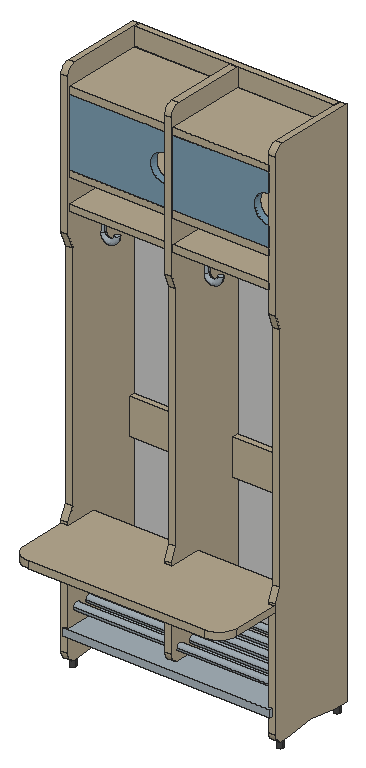
Revit family "Childrens coat rack N100 600", category Casework, Revit 2013
Parameters (values of type "Childrens coat rack N100 600")
  Youtube clip = ""
  Width = 600 mm
  Weight Net (kg) = 0 mm
  Uniclass 2.0 Description = ""
  Uniclass 2.0 Code = ""
  Uniclass 1.4 Description = ""
  Uniclass 1.4 Code = ""
  URL = "http://vaneritarvike.bimobject.com/7500"
  UNSPC code = 56
  UNSPC Category = "Furniture and Furnishings"
  Technical description = ""
  Product identifier = ""
  Product group = "Coat rack"
  Product family = "Kindergarten Furniture"
  Product data url = "http://www.vaneritarvike.fi/index.php?sivu=paivakotikalusteet&r_id=72&kieli=1"
  Product certification = ""
  Product SKU = "7500"
  Name of the object = "Childrens coat rack N100 600"
  NBS Reference Description = ""
  NBS Reference = ""
  Model = "Childrens coat rack N100 600"
  Manufacturer URL = "http://www.vaneritarvike.fi"
  Legs Material = Musta
  Installation instructions = ""
  IFC Classification = "Furniture"
  Height = 1520 mm
  EAN code = ""
  Depth = 430 mm
  COBIe Type Category = ""
  Bars And Bottom Panel Material = F0231
  Door Material = F4168
  Rack Top and Bottom Panels Material = koivu
  Back Panel Material = Valkoinen
  Middle Panels Material = koivu
  Support Panels Material = koivu
  Middle Vertical Panel Material = koivu
  Side Panels Material = koivu
  Manufacturer = "Nokian Vaneritarvike Oy"
  Manufacture country = "Finland"
  Edition number = "2"
  Design country = "Finland"
  Date of publishing = "4/2/2013"
  BIMobject QR code url = "http://vaneritarvike.bimobject.com/7500"
  BIMobject Category = "Furniture"
Reference planes
  plane 1 "Center (Front/Back)": y = 0
  plane 2: z = 0
  plane 3 "Center (Left/Right)": x = 0
  plane 4: y = -430
  plane 5: x = -300
  plane 6: x = 300
  plane 7: z = 1520
Forms (mm)
  Extrusion 1, solid, material "koivu" <- "Side Panels Material"
    sketch origin (0, -208.182, 0) x (0, 1, 0) y (0, 0, 1)
      loop
        line (208.182, 1520) -> (-16.398, 1520)
        arc (-16.398, 1520) -> (-34.376, 1512.553) -> (-41.822, 1494.575) r 25.425
        line (-41.822, 1494.575) -> (-41.822, 1097.533) -> (-25.822, 1057) -> (-25.822, 411) -> (-41.822, 375) -> (-41.822, 45)
        arc (-41.822, 45) -> (-34.5, 27.322) -> (-16.822, 20) r 25
        line (-16.822, 20) -> (-1.818, 20) -> (83.182, 30) -> (168.175, 20.001) -> (208.182, 20.001) -> (208.182, 1520)
    from -300 to -281
  Extrusion 2, solid, material "Musta" <- "Legs Material"
    sketch origin (0, -208.178, 0) x (1, 0, 0) y (0, 1, 0)
      loop
        circle (-290.5, 188.144) r 7.984
      loop
        circle (-290.5, -11.794) r 7.984
      loop
        circle (290.5, 188.144) r 7.984
      loop
        circle (290.5, -11.794) r 7.984
    from 0 to 20
  Extrusion 3, solid, material "koivu" <- "Side Panels Material"
    sketch origin (0, -208.182, 0) x (0, 1, 0) y (0, 0, -1)
      loop
        line (208.182, -1520) -> (208.182, -20.001) -> (168.175, -20.001) -> (83.182, -30) -> (-1.818, -20) -> (-16.822, -20)
        arc (-16.822, -20) -> (-33.793, -27.029) -> (-40.822, -44) r 24
        line (-40.822, -44) -> (-40.822, -374) -> (-25.822, -410) -> (-25.822, -1057) -> (-40.822, -1095) -> (-40.822, -1494.575)
        arc (-40.822, -1494.575) -> (-33.376, -1512.553) -> (-15.398, -1520) r 25.425
        line (-15.398, -1520) -> (208.182, -1520)
    from -300 to -281
  Extrusion 4, solid, material "koivu" <- "Middle Vertical Panel Material"
    sketch origin (290.5, -208.182, 0) x (0, 1, 0) y (0, 0, 1)
      loop
        line (189.182, 1520) -> (-15.893, 1520)
        arc (-15.893, 1520) -> (-33.871, 1512.553) -> (-41.318, 1494.575) r 25.425
        line (-41.318, 1494.575) -> (-41.318, 1095) -> (-26.318, 1057) -> (-26.318, 411) -> (-41.318, 375) -> (-41.318, 145)
        arc (-41.318, 145) -> (-33.996, 127.322) -> (-16.318, 120) r 25
        line (-16.318, 120) -> (189.182, 120) -> (189.182, 1520)
    from -300 to -281
  Extrusion 5, solid, material "Valkoinen" <- "Back Panel Material"
    sketch origin (0, -208.178, 0) x (1, 0, 0) y (0, 1, 0)
      loop
        line (-281, 208.178) -> (-281, 189.178) -> (281, 189.178) -> (281, 208.178) -> (-281, 208.178)
    from 20 to 1470
  Extrusion 6, solid, material "F0231" <- "Bars And Bottom Panel Material"
    sketch origin (0, -208.178, 0) x (1, 0, 0) y (0, 1, 0)
      loop
        line (-290, 189.178) -> (-290, -49.822) -> (291, -49.822) -> (291, 189.178) -> (-290, 189.178)
    from 90 to 110
  Extrusion 7, solid, material "koivu" <- "Middle Panels Material"
    sketch origin (24.797, -208.178, 1106) x (1, 0, 0) y (0, 1, 0)
      loop
        line (-305.797, 189.178) -> (-305.797, -39.322) -> (-34.297, -39.322) -> (-34.297, 189.178) -> (-305.797, 189.178)
    from 50 to 69.001
  Extrusion 8, solid, material "koivu" <- "Rack Top and Bottom Panels Material"
    sketch origin (24.797, 0, 1191.999) x (1, 0, 0) y (0, 1, 0)
      loop
        line (-305.797, -19) -> (-305.797, -247.5) -> (-34.297, -247.5) -> (-34.297, -19) -> (-305.797, -19)
    from 50 to 69.001
  Extrusion 9, solid, material "koivu" <- "Rack Top and Bottom Panels Material"
    sketch origin (24.797, 0, 1400.999) x (1, 0, 0) y (0, 1, 0)
      loop
        line (-305.797, -19) -> (-305.797, -247.5) -> (-34.297, -247.5) -> (-34.297, -19) -> (-305.797, -19)
    from 50 to 69.001
  Extrusion 10, solid, material "koivu" <- "Support Panels Material"
    sketch origin (0, -208.178, 0) x (1, 0, 0) y (0, 1, 0)
      loop
        line (-281, 47.178) -> (-281, -41.827) -> (-297, -41.827) -> (-297, -171.822)
        arc (-297, -171.822) -> (-282.355, -207.178) -> (-247, -221.822) r 50
        line (-247, -221.822) -> (247, -221.822)
        arc (247, -221.822) -> (282.355, -207.178) -> (297, -171.822) r 50
        line (297, -171.822) -> (297, -40.827) -> (281, -40.827) -> (281, 47.178) -> (9.5, 47.178) -> (9.5, -41.322) -> (-9.5, -41.322) -> (-9.5, 47.178) -> (-281, 47.178)
    from 350 to 369
  Extrusion 11, solid, material "koivu" <- "Support Panels Material"
    sketch origin (0, -208.178, 0) x (0, 1, 0) y (0, 0, 1)
      loop
        line (189.178, 600) -> (170.178, 600) -> (170.178, 500) -> (189.178, 500) -> (189.178, 600)
      loop
        line (208.178, 1470) -> (208.178, 1520) -> (189.178, 1520) -> (189.178, 1470) -> (208.178, 1470)
    from -281 to 281
  Extrusion 12, solid, material "F0231" <- "Bars And Bottom Panel Material"
    sketch origin (0, -208.178, 0) x (0, 1, 0) y (0, 0, 1)
      loop
        circle (164.178, 155.079) r 9.946
    from -281 to 281
  Extrusion 13, solid, material "F0231" <- "Bars And Bottom Panel Material"
    sketch origin (0, -253.178, 0) x (0, 1, 0) y (0, 0, 1)
      loop
        circle (164.178, 155.079) r 9.946
    from -281 to 281
  Extrusion 14, solid, material "F0231" <- "Bars And Bottom Panel Material"
    sketch origin (0, -298.178, 0) x (0, 1, 0) y (0, 0, 1)
      loop
        circle (164.178, 155.079) r 9.946
    from -281 to 281
  Extrusion 15, solid, material "F0231" <- "Bars And Bottom Panel Material"
    sketch origin (0, -343.184, 0) x (0, 1, 0) y (0, 0, 1)
      loop
        circle (164.178, 155.079) r 9.946
    from -281 to 281
  Extrusion 16, solid, material "F0231" <- "Bars And Bottom Panel Material"
    sketch origin (0, -388.184, 0) x (0, 1, 0) y (0, 0, 1)
      loop
        circle (165.178, 155.079) r 9.946
    from -281 to 281
  Extrusion 17, solid, material "F4168" <- "Door Material"
    sketch origin (-1, 0, 0) x (1, 0, 0) y (0, 0, 1)
      loop
        line (-280, 1450.999) -> (-280, 1261) -> (-8.5, 1261) -> (-8.5, 1318.5)
        arc (-8.5, 1318.5) -> (-48.5, 1358.5) -> (-8.5, 1398.5) r 40
        line (-8.5, 1398.5) -> (-8.5, 1450.999) -> (-280, 1450.999)
    from 229 to 247.5
  Extrusion 18, solid, material "F4168" <- "Door Material"
    sketch origin (289.5, 0, 0) x (1, 0, 0) y (0, 0, 1)
      loop
        line (-280, 1450.999) -> (-280, 1261) -> (-8.5, 1261) -> (-8.5, 1318.5)
        arc (-8.5, 1318.5) -> (-48.5, 1358.5) -> (-8.5, 1398.5) r 40
        line (-8.5, 1398.5) -> (-8.5, 1450.999) -> (-280, 1450.999)
    from 229 to 247.5
  Sweep 19, solid, material "F0231" <- "Bars And Bottom Panel Material"
    path origin (-273, -129, 1200) x (1, 0, 0) y (0, 0, 1)
      loop
        line (-7.027, -84) -> (-7.027, -144)
        arc (-7.027, -144) -> (13.204, -164.232) -> (33.436, -144) r 20.232
    profile origin (-280.028, -129, 1086) x (0, -1, 0) y (1, 0, 0)
      loop
        circle (0, 0) r 7.027
  Sweep 20, solid, material "F0231" <- "Bars And Bottom Panel Material"
    path origin (17, -129, 1200) x (1, 0, 0) y (0, 0, 1)
      loop
        line (-7.027, -84) -> (-7.027, -144)
        arc (-7.027, -144) -> (13.204, -164.232) -> (33.436, -144) r 20.232
    profile origin (9.972, -129, 1086) x (0, -1, 0) y (1, 0, 0)
      loop
        circle (0, 0) r 7.027
  Sweep 21, solid, material "F0231" <- "Bars And Bottom Panel Material"
    path origin (-128.871, -132.444, 1260) x (0.866025, -0.5, 0) y (0, 0, 1)
      loop
        line (-7.027, -84) -> (-7.027, -144)
        arc (-7.027, -144) -> (13.204, -164.232) -> (33.436, -144) r 20.232
    profile origin (-134.957, -128.931, 1146) x (-0.5, -0.866025, 0) y (0.866025, -0.5, 0)
      loop
        circle (0, 0) r 7.027
  Sweep 22, solid, material "F0231" <- "Bars And Bottom Panel Material"
    path origin (-141.043, -132.444, 1260) x (-0.866025, -0.5, 0) y (0, 0, -1)
      loop
        line (-7.027, 84) -> (-7.027, 144)
        arc (-7.027, 144) -> (13.204, 164.232) -> (33.436, 144) r 20.232
    profile origin (-134.957, -128.931, 1146) x (0.5, -0.866025, 0) y (0.866025, 0.5, 0)
      loop
        circle (0, 0) r 7.027
  Sweep 23, solid, material "F0231" <- "Bars And Bottom Panel Material"
    path origin (-134.957, -121.972, 1260) x (0, 1, 0) y (0, 0, 1)
      loop
        line (-7.027, -84) -> (-7.027, -144)
        arc (-7.027, -144) -> (13.204, -164.232) -> (33.436, -144) r 20.232
    profile origin (-134.957, -129, 1146) x (1, 0, 0) y (0, 1, 0)
      loop
        circle (0, 0) r 7.027
  Sweep 24, solid, material "F0231" <- "Bars And Bottom Panel Material"
    path origin (149.809, -132.444, 1260) x (-0.866025, -0.5, 0) y (0, 0, -1)
      loop
        line (-7.027, 84) -> (-7.027, 144)
        arc (-7.027, 144) -> (13.204, 164.232) -> (33.436, 144) r 20.232
    profile origin (155.895, -128.931, 1146) x (0.5, -0.866025, 0) y (0.866025, 0.5, 0)
      loop
        circle (0, 0) r 7.027
  Sweep 25, solid, material "F0231" <- "Bars And Bottom Panel Material"
    path origin (161.981, -132.444, 1260) x (0.866025, -0.5, 0) y (0, 0, 1)
      loop
        line (-7.027, -84) -> (-7.027, -144)
        arc (-7.027, -144) -> (13.204, -164.232) -> (33.436, -144) r 20.232
    profile origin (155.895, -128.931, 1146) x (-0.5, -0.866025, 0) y (0.866025, -0.5, 0)
      loop
        circle (0, 0) r 7.027
  Sweep 26, solid, material "F0231" <- "Bars And Bottom Panel Material"
    path origin (155.895, -121.972, 1260) x (0, 1, 0) y (0, 0, -1)
      loop
        line (-7.027, 84) -> (-7.027, 144)
        arc (-7.027, 144) -> (13.204, 164.232) -> (33.436, 144) r 20.232
    profile origin (155.895, -129, 1146) x (-1, 0, 0) y (0, -1, 0)
      loop
        circle (0, 0) r 7.027
  Extrusion 27, solid, material "koivu" <- "Rack Top and Bottom Panels Material"
    sketch origin (-24.797, 0, 1400.999) x (-1, 0, 0) y (0, -1, 0)
      loop
        line (-305.797, 19) -> (-34.297, 19) -> (-34.297, 247.5) -> (-305.797, 247.5) -> (-305.797, 19)
    from 50 to 69.001
  Extrusion 28, solid, material "koivu" <- "Rack Top and Bottom Panels Material"
    sketch origin (-24.797, 0, 1191.999) x (-1, 0, 0) y (0, -1, 0)
      loop
        line (-305.797, 19) -> (-34.297, 19) -> (-34.297, 247.5) -> (-305.797, 247.5) -> (-305.797, 19)
    from 50 to 69.001
  Extrusion 29, solid, material "koivu" <- "Middle Panels Material"
    sketch origin (-24.797, -208.178, 1106) x (-1, 0, 0) y (0, -1, 0)
      loop
        line (-305.797, -189.178) -> (-34.297, -189.178) -> (-34.297, 39.322) -> (-305.797, 39.322) -> (-305.797, -189.178)
    from 50 to 69.001
Lines and regions (mm)
  Masking region 1
    outline origin (0, -208.178, 0) x (1, 0, 0) y (0, 1, 0)
      loop
        line (-300, 208.178) -> (-300, -41.827) -> (-297, -41.827) -> (-297, -171.822)
        arc (-297, -171.822) -> (-282.355, -207.178) -> (-247, -221.822) r 50
        line (-247, -221.822) -> (247, -221.822)
        arc (247, -221.822) -> (282.355, -207.178) -> (297, -171.822) r 50
        line (297, -171.822) -> (297, -40.827) -> (300, -40.827) -> (300, 208.178) -> (-300, 208.178)
  symbolic lines, detail levels medium+fine
    curve 1: line (-281, -249.004, 0) -> (-281, -19, 0)
    curve 2: line (-300, -249.004, 0) -> (-281, -249.004, 0)
    curve 3: line (-281, -19, 0) -> (281, -19, 0)
    curve 7: line (281, -19, 0) -> (281, -249.004, 0)
    curve 8: line (281, -249.004, 0) -> (300, -249.004, 0)
  symbolic lines, detail levels fine
    curve 4: line (-9.5, -19, 0) -> (-9.5, -249.004, 0)
    curve 5: line (9.5, -249.004, 0) -> (9.5, -19, 0)
    curve 6: line (-9.5, -249.004, 0) -> (9.5, -249.004, 0)
    curve 9: line (-290, -258, 0) -> (291, -258, 0)
    curve 10: line (-290, -258, 0) -> (-290, -249.004, 0)
    curve 11: line (291, -258, 0) -> (291, -249.004, 0)
Dimensions and locks
  "Depth": plane 1 "Center (Front/Back)" to plane 4
  equal spacing: plane 5, plane 3 "Center (Left/Right)", plane 6
  "Width": plane 5 to plane 6
  "Height": plane 7 to plane 2
  aligned and locked: level to plane 2
  aligned and locked: Extrusion 10 sketch curve to Extrusion 1
  aligned and locked: Extrusion 1 to Extrusion 10 sketch curve
  aligned and locked: Extrusion 10 sketch curve to Extrusion 4
Automatic sketch dimensions
  curve 10 to plane 5 = 10 mm
  curve 11 to plane 6 = 9 mm
  plane 4 to curve 11 = 172 mm
  curve 2 to plane 5 = 0 mm
  curve 8 to plane 6 = 0 mm
  curve 1 to plane 5 = 19 mm
  curve 4 to plane 3 "Center (Left/Right)" = 9.5 mm
  plane 3 "Center (Left/Right)" to curve 5 = 9.5 mm
  curve 8 to curve 11 = 10 mm
  curve 9 to curve 2 = 8.996 mm
  curve 9 to curve 8 = 8.996 mm
  plane 4 to curve 4 = 180.996 mm
  plane 1 "Center (Front/Back)" to curve 7 = 19 mm
  plane 7 to Extrusion 1 sketch curve = 0 mm
  Extrusion 1 sketch curve to plane 1 "Center (Front/Back)" = 0 mm
  level to Extrusion 1 sketch curve = 20 mm
  level to Extrusion 1 sketch curve = 20.001 mm
  plane 1 "Center (Front/Back)" to Extrusion 1 sketch curve = 40.007 mm
  level to Extrusion 1 sketch curve = 30 mm
  Extrusion 1 sketch curve to Extrusion 1 sketch curve = 84.993 mm
  Extrusion 1 sketch curve to Extrusion 1 sketch curve = 85 mm
  plane 4 to Extrusion 1 sketch curve = 205.42 mm
  Extrusion 1 sketch curve to Extrusion 1 sketch curve = 15.004 mm
  plane 4 to Extrusion 1 sketch curve = 195.996 mm
  Extrusion 1 sketch curve to Extrusion 1 sketch curve = 25 mm
  Extrusion 1 sketch curve to Extrusion 1 sketch curve = 16 mm
  Extrusion 1 sketch curve to Extrusion 1 sketch curve = 330 mm
  Extrusion 1 sketch curve to Extrusion 1 sketch curve = 36 mm
  Extrusion 1 sketch curve to Extrusion 1 sketch curve = 437.575 mm
  Extrusion 1 sketch curve to Extrusion 1 sketch curve = 40.533 mm
  Extrusion 2 sketch curve to plane 5 = 9.5 mm  (x2)
  Extrusion 2 sketch curve to plane 6 = 9.5 mm  (x2)
  plane 4 to Extrusion 2 sketch curve = 210.028 mm  (x2)
  plane 1 "Center (Front/Back)" to Extrusion 2 sketch curve = 20.034 mm  (x2)
  plane 7 to Extrusion 3 sketch curve = 0 mm
  Extrusion 3 sketch curve to plane 1 "Center (Front/Back)" = 0 mm
  plane 7 to Extrusion 3 sketch curve = 25.425 mm
  level to Extrusion 3 sketch curve = 20.001 mm
  plane 1 "Center (Front/Back)" to Extrusion 3 sketch curve = 40.007 mm
  level to Extrusion 3 sketch curve = 30 mm
  Extrusion 3 sketch curve to Extrusion 3 sketch curve = 84.993 mm
  level to Extrusion 3 sketch curve = 20 mm
  Extrusion 3 sketch curve to Extrusion 3 sketch curve = 85 mm
  plane 4 to Extrusion 3 sketch curve = 206.42 mm
  Extrusion 3 sketch curve to Extrusion 3 sketch curve = 15.004 mm
  Extrusion 3 sketch curve to Extrusion 3 sketch curve = 15 mm  (x2)
  Extrusion 3 sketch curve to Extrusion 3 sketch curve = 399.575 mm
  Extrusion 3 sketch curve to Extrusion 3 sketch curve = 38 mm
  Extrusion 3 sketch curve to Extrusion 3 sketch curve = 366 mm
  Extrusion 3 sketch curve to Extrusion 3 sketch curve = 36 mm
  plane 7 to Extrusion 4 sketch curve = 0 mm
  plane 4 to Extrusion 4 sketch curve = 180.5 mm  (x2)
  plane 1 "Center (Front/Back)" to Extrusion 4 sketch curve = 19 mm
  level to Extrusion 4 sketch curve = 120 mm
  Extrusion 4 sketch curve to Extrusion 4 sketch curve = 15 mm
  Extrusion 4 sketch curve to Extrusion 4 sketch curve = 25 mm
  Extrusion 4 sketch curve to Extrusion 4 sketch curve = 25.425 mm
  Extrusion 4 sketch curve to Extrusion 4 sketch curve = 230 mm
  Extrusion 4 sketch curve to Extrusion 4 sketch curve = 36 mm
  Extrusion 4 sketch curve to Extrusion 4 sketch curve = 437.575 mm
  Extrusion 4 sketch curve to Extrusion 4 sketch curve = 38 mm
  plane 1 "Center (Front/Back)" to Extrusion 5 sketch curve = 0 mm
  Extrusion 5 sketch curve to plane 5 = 19 mm
  plane 1 "Center (Front/Back)" to Extrusion 5 sketch curve = 19 mm
  Extrusion 5 sketch curve to plane 6 = 19 mm
  Extrusion 6 sketch curve to plane 5 = 10 mm
  plane 4 to Extrusion 6 sketch curve = 172 mm
  Extrusion 6 sketch curve to plane 6 = 9 mm
  plane 1 "Center (Front/Back)" to Extrusion 6 sketch curve = 19 mm
  Extrusion 7 sketch curve to plane 5 = 19 mm
  plane 4 to Extrusion 7 sketch curve = 182.5 mm
  Extrusion 7 sketch curve to plane 3 "Center (Left/Right)" = 9.5 mm
  plane 1 "Center (Front/Back)" to Extrusion 7 sketch curve = 19 mm
  Extrusion 8 sketch curve to plane 5 = 19 mm
  plane 4 to Extrusion 8 sketch curve = 182.5 mm
  Extrusion 8 sketch curve to plane 3 "Center (Left/Right)" = 9.5 mm
  plane 1 "Center (Front/Back)" to Extrusion 8 sketch curve = 19 mm
  Extrusion 9 sketch curve to plane 5 = 19 mm
  plane 4 to Extrusion 9 sketch curve = 182.5 mm
  Extrusion 9 sketch curve to plane 3 "Center (Left/Right)" = 9.5 mm
  plane 1 "Center (Front/Back)" to Extrusion 9 sketch curve = 19 mm
  Extrusion 10 sketch curve to plane 4 = 0 mm
  Extrusion 10 sketch curve to plane 6 = 3 mm
  plane 4 to Extrusion 10 sketch curve = 50 mm
  Extrusion 10 sketch curve to plane 5 = 53 mm
  plane 7 to Extrusion 11 sketch curve = 0 mm
  Extrusion 11 sketch curve to plane 1 "Center (Front/Back)" = 0 mm
  plane 1 "Center (Front/Back)" to Extrusion 11 sketch curve = 19 mm  (x2)
  level to Extrusion 11 sketch curve = 500 mm
  Extrusion 11 sketch curve to Extrusion 11 sketch curve = 19 mm
  Extrusion 11 sketch curve to Extrusion 11 sketch curve = 100 mm
  Extrusion 11 sketch curve to Extrusion 11 sketch curve = 50 mm
  plane 1 "Center (Front/Back)" to Extrusion 12 sketch curve = 44 mm
  level to Extrusion 12 sketch curve = 155.079 mm
  plane 1 "Center (Front/Back)" to Extrusion 13 sketch curve = 89 mm
  level to Extrusion 13 sketch curve = 155.079 mm
  plane 1 "Center (Front/Back)" to Extrusion 14 sketch curve = 134 mm
  level to Extrusion 14 sketch curve = 155.079 mm
  plane 1 "Center (Front/Back)" to Extrusion 15 sketch curve = 179.007 mm
  level to Extrusion 15 sketch curve = 155.079 mm
  plane 4 to Extrusion 16 sketch curve = 206.993 mm
  level to Extrusion 16 sketch curve = 155.079 mm
  Extrusion 17 sketch curve to plane 5 = 19 mm
  Extrusion 17 sketch curve to plane 3 "Center (Left/Right)" = 9.5 mm
  plane 7 to Extrusion 17 sketch curve = 259 mm
  Extrusion 17 sketch curve to Extrusion 17 sketch curve = 57.5 mm
  Extrusion 17 sketch curve to Extrusion 17 sketch curve = 80 mm
  Extrusion 17 sketch curve to Extrusion 17 sketch curve = 52.499 mm
  plane 3 "Center (Left/Right)" to Extrusion 18 sketch curve = 9.5 mm
  Extrusion 18 sketch curve to plane 6 = 19 mm
  plane 7 to Extrusion 18 sketch curve = 259 mm
  Extrusion 18 sketch curve to Extrusion 18 sketch curve = 57.5 mm
  Extrusion 18 sketch curve to Extrusion 18 sketch curve = 80 mm
  Extrusion 18 sketch curve to Extrusion 18 sketch curve = 52.499 mm
  Sweep 19 sketch curve to plane 5 = 19.972 mm
  plane 7 to Sweep 19 sketch curve = 464 mm
  Sweep 19 sketch curve to Sweep 19 sketch curve = 20.232 mm
  Sweep 19 sketch curve to Sweep 19 sketch curve = 60 mm
  Sweep 19 sketch curve to profile plane = 0 mm
  profile plane to Sweep 19 sketch curve = 0 mm
  plane 3 "Center (Left/Right)" to Sweep 20 sketch curve = 9.972 mm
  plane 7 to Sweep 20 sketch curve = 464 mm
  Sweep 20 sketch curve to Sweep 20 sketch curve = 20.232 mm
  Sweep 20 sketch curve to Sweep 20 sketch curve = 60 mm
  Sweep 20 sketch curve to profile plane = 0 mm
  profile plane to Sweep 20 sketch curve = 0 mm
  plane 7 to Sweep 21 sketch curve = 404 mm
  Sweep 21 sketch curve to Sweep 21 sketch curve = 20.232 mm
  Sweep 21 sketch curve to Sweep 21 sketch curve = 60 mm
  Sweep 21 sketch curve to profile plane = 0 mm
  profile plane to Sweep 21 sketch curve = 0 mm
  plane 7 to Sweep 22 sketch curve = 404 mm
  Sweep 22 sketch curve to Sweep 22 sketch curve = 20.232 mm
  Sweep 22 sketch curve to Sweep 22 sketch curve = 60 mm
  profile plane to Sweep 22 sketch curve = 0 mm  (x2)
  plane 1 "Center (Front/Back)" to Sweep 23 sketch curve = 129 mm
  plane 7 to Sweep 23 sketch curve = 404 mm
  Sweep 23 sketch curve to Sweep 23 sketch curve = 20.232 mm
  Sweep 23 sketch curve to Sweep 23 sketch curve = 60 mm
  profile plane to Sweep 23 sketch curve = 0 mm
  Sweep 23 sketch curve to profile plane = 0 mm
  plane 7 to Sweep 24 sketch curve = 404 mm
  Sweep 24 sketch curve to Sweep 24 sketch curve = 20.232 mm
  Sweep 24 sketch curve to Sweep 24 sketch curve = 60 mm
  profile plane to Sweep 24 sketch curve = 0 mm  (x2)
  plane 7 to Sweep 25 sketch curve = 404 mm
  Sweep 25 sketch curve to Sweep 25 sketch curve = 20.232 mm
  Sweep 25 sketch curve to Sweep 25 sketch curve = 60 mm
  Sweep 25 sketch curve to profile plane = 0 mm
  profile plane to Sweep 25 sketch curve = 0 mm
  plane 1 "Center (Front/Back)" to Sweep 26 sketch curve = 129 mm
  plane 7 to Sweep 26 sketch curve = 404 mm
  Sweep 26 sketch curve to Sweep 26 sketch curve = 20.232 mm
  Sweep 26 sketch curve to Sweep 26 sketch curve = 60 mm
  Sweep 26 sketch curve to profile plane = 0 mm  (x2)
  plane 1 "Center (Front/Back)" to Masking region 1 sketch curve = 0 mm
  Masking region 1 sketch curve to plane 5 = 0 mm
  Masking region 1 sketch curve to plane 4 = 0 mm
  Masking region 1 sketch curve to plane 6 = 0 mm
  Masking region 1 sketch curve to plane 6 = 3 mm
  plane 4 to Masking region 1 sketch curve = 50 mm
  Masking region 1 sketch curve to Masking region 1 sketch curve = 3 mm
  Masking region 1 sketch curve to plane 5 = 53 mm
  Masking region 1 sketch curve to Masking region 1 sketch curve = 129.996 mm
  Masking region 1 sketch curve to Masking region 1 sketch curve = 130.996 mm
  Extrusion 27 sketch curve to plane 6 = 19 mm
  plane 1 "Center (Front/Back)" to Extrusion 27 sketch curve = 19 mm
  plane 3 "Center (Left/Right)" to Extrusion 27 sketch curve = 9.5 mm
  plane 4 to Extrusion 27 sketch curve = 182.5 mm
  Extrusion 28 sketch curve to plane 6 = 19 mm
  plane 1 "Center (Front/Back)" to Extrusion 28 sketch curve = 19 mm
  plane 3 "Center (Left/Right)" to Extrusion 28 sketch curve = 9.5 mm
  plane 4 to Extrusion 28 sketch curve = 182.5 mm
  Extrusion 29 sketch curve to plane 6 = 19 mm
  plane 1 "Center (Front/Back)" to Extrusion 29 sketch curve = 19 mm
  plane 3 "Center (Left/Right)" to Extrusion 29 sketch curve = 9.5 mm
  plane 4 to Extrusion 29 sketch curve = 182.5 mm
  Extrusion 10 sketch curve to Extrusion 10 sketch curve = 89.004 mm
  Extrusion 10 sketch curve to plane 5 = 3 mm
  Extrusion 10 sketch curve to plane 3 "Center (Left/Right)" = 9.5 mm
  plane 4 to Extrusion 10 sketch curve = 180.5 mm
  plane 1 "Center (Front/Back)" to Extrusion 10 sketch curve = 161 mm
  plane 4 to Extrusion 10 sketch curve = 180.996 mm
  Extrusion 10 sketch curve to plane 6 = 19 mm
  radius of Extrusion 2 sketch curve = 7.984 mm  (x4)
  radius of Extrusion 12 sketch curve = 9.946 mm
  radius of Extrusion 13 sketch curve = 9.946 mm
  radius of Extrusion 14 sketch curve = 9.946 mm
  radius of Extrusion 15 sketch curve = 9.946 mm
  radius of Extrusion 16 sketch curve = 9.946 mm
  radius of Sweep 19 sketch curve = 7.027 mm
  radius of Sweep 20 sketch curve = 7.027 mm
  radius of Sweep 21 sketch curve = 7.027 mm
  radius of Sweep 22 sketch curve = 7.027 mm
  radius of Sweep 23 sketch curve = 7.027 mm
  radius of Sweep 24 sketch curve = 7.027 mm
  radius of Sweep 25 sketch curve = 7.027 mm
  radius of Sweep 26 sketch curve = 7.027 mm
